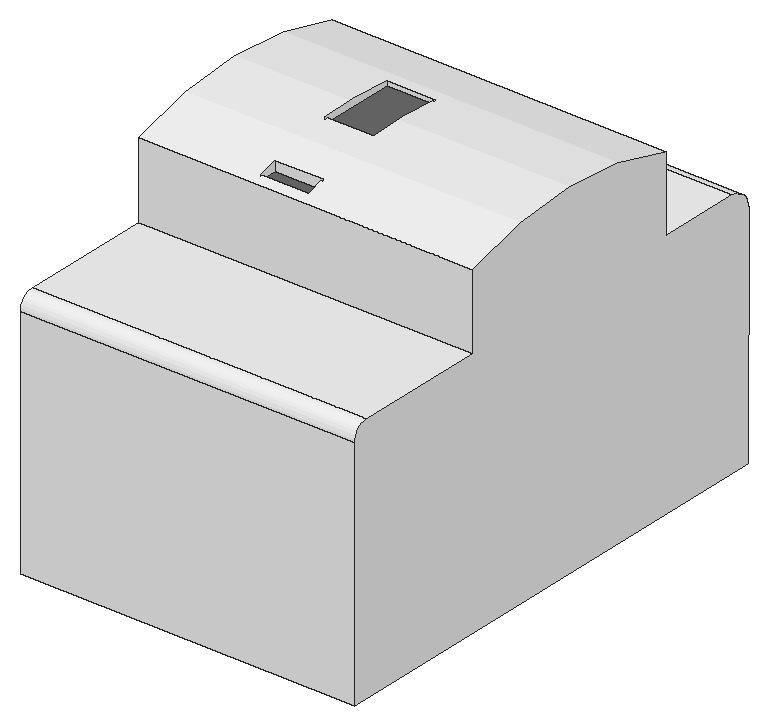
Revit family "Power-ModularDevices-GEWISS-90RCD-BD_3P", category Apparecchi elettrici, host Superficie, Revit 2016
Family settings
  Host = Superficie
  Mantenere orientamento annotazione = Sì
  Tipo di parte = Normale
  Quota connettore circolare = Usa diametro
  Numero OmniClass = 23.80.30.14
  Titolo OmniClass = Power Distribution
  Taglio con vuoti quando caricato = No
  Condiviso = Sì
  Punto di calcolo locali = Sì
Parameters (values of type "GW94600 - ADD-ON RCD 3P IN 63A SELECT.A/1 3,5M")
  Voltaggio = 400 V
  Vista di pianta [instance] = yes
  Version file RFA = "19.0"
  URL = "https://www.gewiss.com/ww/en"
  Type: = "A[S]"
  Type = "A(S)"
  Technical sheet = "https://www.gewiss.com/ww/en/search?q=GW94600"
  Stocking temperature = "-40 +70 °C"
  Standard; = "IEC/EN 61009-1 app. G, IEC/EN 61009-2-1 app. G"
  Standard = "EN 61009-1 app. G"
  Spessore = 65 mm
  Section rigid cable = "Max 35 mm²"
  Section flexible cable = "Max 35 mm²"
  SEO = "Add-on RCD"
  Realized by GEWISS S.p.A. = ""
  Rated voltage (IEC/EN 61009-1 app. G, IEC/EN 61009-2-1 app. G) = "400 V"
  Rated voltage = "400V"
  Rated tightening torque = "2 Nm"
  Rated residual operating current = "1000 mA"
  Rated insulation voltage (Ui) = "500V"
  Rated impulse withstand voltage = "4KV"
  Rated frequency (Hz) = "50/60 Hz"
  Rated current: = "63A"
  Rated current (In) = "63A"
  Default Elevation = 1219.2 mm
  Produttore = "GEWISS S.p.A."
  Precision = "1000 mA"
  Overvoltage category = "III"
  Operating temperature = "-25 +40 °C"
  Numero di poli_ = 3
  Number of poles = "3P"
  No. of poles = "3P"
  No. of modules EN 50022 = "3,5"
  No. modules = "3.5"
  Modello = "GW94600"
  Level of immunity (8/20 Âµs) = "3000A"
  Larghezza = 62.5 mm
  Label = "BD"
  Interuttore = GW - grigio scuro
  Insulation voltage = "500V"
  Immagine tipo = GW94442.jpg
  Idn = "1000MA"
  IFC.TypeObject = ""
  IFC.ExportType = ""
  IFC.ExportAs = ""
  IDT = "0570edb1-9ff4-4288-922b-d31fa38fc1de"
  IDF = "161666fb-3740-47c6-8dc1-80bf06051d77"
  Finitura = GW - grigio chiaro
  Electrocod = "1412"
  EAN code = "8011564061743"
  Distanza dal piano [instance] = 3 mm
  Descrizione = "ADD-ON RCD 3P IN<63A SELECT.A/1 3,5M"
  Description = "RESIDUAL CURRENT DEVICE"
  Catalogue Range = "90 RCD"
  Catalogue = "POWER"
  Carico apparente = 0 VA
  Parti incassate = yes
  COBie.Tagnumber = ""
  COBie.CreatedOn = ""
  COBie.CreatebBy = ""
  COBie.ComponentRegisterItemID = ""
  COBie.Component.TagNumber = ""
  COBie.Component.Space = ""
  COBie.Component.SerialNumber = ""
  COBie.Component.InstallationDate = ""
  COBie.Component.Description = ""
  COBie.Component.BarCode = ""
  Assembly position: = "Any"
  Altezza = 92 mm
Types (15, lengths in mm): name | Type: | Type | Technical sheet | Rated residual operating current | Rated current: | Rated current (In) | Precision | Modello | Level of immunity (8/20 Âµs) | Idn | IDT | EAN code | Descrizione
  GW94442 - ADD-ON RCD 3P IN 25A ISTANT.AC/0,03 3,5M | "AC" | "AC" | "https://www.gewiss.com/ww/en/search?q=GW94442" | "30 mA" | "25A" | "25A" | "30 mA" | "GW94442" | "250A" | "30MA" | "4503ba05-fe2b-48e4-bf69-3f427af47026" | "8011564061361" | "ADD-ON RCD 3P IN<25A ISTANT.AC/0,03 3,5M"
  GW94443 - ADD-ON RCD 3P IN 25A ISTANT.AC/0,3 3,5M | "AC" | "AC" | "https://www.gewiss.com/ww/en/search?q=GW94443" | "300 mA" | "25A" | "25A" | "300 mA" | "GW94443" | "250A" | "300MA" | "6c153b54-5fc9-4ae0-b61c-4be0ced7834a" | "8011564061378" | "ADD-ON RCD 3P IN<25A ISTANT.AC/0,3 3,5M"
  GW94444 - ADD-ON RCD 3P IN 25A ISTANT.AC/0,5 3,5M | "AC" | "AC" | "https://www.gewiss.com/ww/en/search?q=GW94444" | "500 mA" | "25A" | "25A" | "500 mA" | "GW94444" | "250A" | "500MA" | "c4fc3eb6-da1a-48bd-8410-5873c9bdb9ff" | "8011564061385" | "ADD-ON RCD 3P IN<25A ISTANT.AC/0,5 3,5M"
  GW94448 - ADD-ON RCD 3P IN 63A ISTANT.AC/0,03 3,5M | "AC" | "AC" | "https://www.gewiss.com/ww/en/search?q=GW94448" | "30 mA" | "63A" | "63A" | "30 mA" | "GW94448" | "250A" | "30MA" | "1151df67-eabd-4152-bff4-3a1a31892407" | "8011564061392" | "ADD-ON RCD 3P IN<63A ISTANT.AC/0,03 3,5M"
  GW94449 - ADD-ON RCD 3P IN 63A ISTANT.AC/0,3 3,5M | "AC" | "AC" | "https://www.gewiss.com/ww/en/search?q=GW94449" | "300 mA" | "63A" | "63A" | "300 mA" | "GW94449" | "250A" | "300MA" | "4eaf1fd6-f7e0-4976-be01-2bda611812f7" | "8011564061408" | "ADD-ON RCD 3P IN<63A ISTANT.AC/0,3 3,5M"
  GW94450 - ADD-ON RCD 3P IN 63A ISTANT.AC/0,5 3,5M | "AC" | "AC" | "https://www.gewiss.com/ww/en/search?q=GW94450" | "500 mA" | "63A" | "63A" | "500 mA" | "GW94450" | "250A" | "500MA" | "aa675c3e-a205-463b-b35c-eb15c106ef8f" | "8011564061415" | "ADD-ON RCD 3P IN<63A ISTANT.AC/0,5 3,5M"
  GW94542 - ADD-ON RCD 3P IN 25A ISTANT.A/0,03 3,5M | "A" | "A" | "https://www.gewiss.com/ww/en/search?q=GW94542" | "30 mA" | "25A" | "25A" | "30 mA" | "GW94542" | "250A" | "30MA" | "471bf8a7-600a-44d3-9054-4b320f0553dd" | "8011564061583" | "ADD-ON RCD 3P IN<25A ISTANT.A/0,03 3,5M"
  GW94543 - ADD-ON RCD 3P IN 25A ISTANT.A/0,3 3,5M | "A" | "A" | "https://www.gewiss.com/ww/en/search?q=GW94543" | "300 mA" | "25A" | "25A" | "300 mA" | "GW94543" | "250A" | "300MA" | "bb7b3bf9-976c-444f-b739-44dfa2e8d72b" | "8011564061590" | "ADD-ON RCD 3P IN<25A ISTANT.A/0,3 3,5M"
  GW94544 - ADD-ON RCD 3P IN 25A ISTANT.A/0,5 3,5M | "A" | "A" | "https://www.gewiss.com/ww/en/search?q=GW94544" | "500 mA" | "25A" | "25A" | "500 mA" | "GW94544" | "250A" | "500MA" | "b04964e7-6b2c-427e-bee3-b94bb6d2d2ac" | "8011564061606" | "ADD-ON RCD 3P IN<25A ISTANT.A/0,5 3,5M"
  GW94547 - ADD-ON RCD 3P IN 63A ISTANT.A/0,03 3,5M | "A" | "A" | "https://www.gewiss.com/ww/en/search?q=GW94547" | "30 mA" | "63A" | "63A" | "30 mA" | "GW94547" | "250A" | "30MA" | "5efba34d-e187-41fb-b36f-314673c9f868" | "8011564061613" | "ADD-ON RCD 3P IN<63A ISTANT.A/0,03 3,5M"
  GW94548 - ADD-ON RCD 3P IN 63A ISTANT.A/0,3 3,5M | "A" | "A" | "https://www.gewiss.com/ww/en/search?q=GW94548" | "300 mA" | "63A" | "63A" | "300 mA" | "GW94548" | "250A" | "300MA" | "fe5b3c29-0270-4437-8006-59615c276204" | "8011564061620" | "ADD-ON RCD 3P IN<63A ISTANT.A/0,3 3,5M"
  GW94549 - ADD-ON RCD 3P IN 63A ISTANT.A/0,5 3,5M | "A" | "A" | "https://www.gewiss.com/ww/en/search?q=GW94549" | "500 mA" | "63A" | "63A" | "500 mA" | "GW94549" | "250A" | "500MA" | "4168c42f-6b7a-4353-894b-d6fcf37e7d47" | "8011564061637" | "ADD-ON RCD 3P IN<63A ISTANT.A/0,5 3,5M"
  GW94595 - ADD-ON RCD 3P IN 63A IMMUN.A/0,03 3,5M | "A[IR]" | "A(IR)" | "https://www.gewiss.com/ww/en/search?q=GW94595" | "30 mA" | "63A" | "63A" | "30 mA" | "GW94595" | "3000A" | "30MA" | "b278d76b-257f-47ed-be38-75825aac597f" | "8011564761988" | "ADD-ON RCD 3P IN<63A IMMUN.A/0,03 3,5M"
  GW94598 - ADD-ON RCD 3P IN 63A SELECT.A/0,3 3,5M | "A[S]" | "A(S)" | "https://www.gewiss.com/ww/en/search?q=GW94598" | "300 mA" | "63A" | "63A" | "300 mA" | "GW94598" | "3000A" | "300MA" | "a920d466-6323-484f-a16b-03680257149a" | "8011564061712" | "ADD-ON RCD 3P IN<63A SELECT.A/0,3 3,5M"
  GW94600 - ADD-ON RCD 3P IN 63A SELECT.A/1 3,5M | "A[S]" | "A(S)" | "https://www.gewiss.com/ww/en/search?q=GW94600" | "1000 mA" | "63A" | "63A" | "1000 mA" | "GW94600" | "3000A" | "1000MA" | "0570edb1-9ff4-4288-922b-d31fa38fc1de" | "8011564061743" | "ADD-ON RCD 3P IN<63A SELECT.A/1 3,5M"
Reference planes
  plane 1 "Centro (Fronte/Retro)": y = 0
  plane 2: z = 0
  plane 3 "Centro (Sinistra/Destra)": x = 0
  plane 4: x = -31.25
  plane 5: x = 31.25
  plane 6: y = 46
  plane 7: y = -46
  plane 8 "fori": z = -7
  plane 9: y = 12.873
  plane 10: y = -1.504
  plane 11 "scritta": z = 11.026
  plane 12: z = 14.66
  plane 13: z = 9.771
  plane 14: z = 6.888
  plane 15: y = -16.609
  plane 16: y = -13.274
  plane 17: x = -9.843
  plane 18: x = -0.847
  plane 19: y = 26.682
  plane 20: y = -18.318
  plane 21: z = 5.384
  plane 22: z = -53.775
  plane 23: z = -10
Forms (mm)
  Extrusion 1, solid, material "GW - grigio chiaro" <- "Finitura"
    sketch origin (0, 0, 13.225) x (0, 1, 0) y (0, 0, 1)
      loop
        line (42.093, -20.225) -> (26.682, -20.225) -> (26.682, -6.138)
        arc (26.682, -6.138) -> (4.182, -2.199) -> (-18.318, -6.137) r 66.237
        line (-18.318, -6.137) -> (-18.318, -20.225) -> (-43.176, -20.225)
        arc (-43.176, -20.225) -> (-45.173, -21.052) -> (-46, -23.049) r 2.824
        line (-46, -23.049) -> (-46, -67) -> (46, -67) -> (46, -24.132)
        arc (46, -24.132) -> (44.856, -21.369) -> (42.093, -20.225) r 3.907
    from -31.25 to 31.25
  Extrusion 2, void
    sketch origin (0, 0, 11.026) x (0, -1, 0) y (1, 0, 0)
      loop
        line (-12.873, -9.843) -> (1.504, -9.843) -> (1.504, -0.847) -> (-12.873, -0.847) -> (-12.873, -9.843)
    from -15.642 to 3.634
  Extrusion 3, solid, material "GW - grigio scuro" <- "Interuttore"
    sketch origin (0, 0, 11.026) x (0, -1, 0) y (1, 0, 0)
      loop
        line (1.504, -9.843) -> (1.504, -0.847) -> (-12.873, -0.847) -> (-12.873, -9.843) -> (1.504, -9.843)
    from -5.642 to -1.255
  Extrusion 4, void
    sketch origin (0, 0, 11.026) x (0, -1, 0) y (1, 0, 0)
      loop
        line (13.274, -9.843) -> (16.609, -9.843) -> (16.609, -0.847) -> (13.274, -0.847) -> (13.274, -9.843)
    from -5.642 to 3.634
  Extrusion 5, solid, material "GW - grigio scuro" <- "Interuttore"
    sketch origin (0, 0, 11.026) x (0, -1, 0) y (1, 0, 0)
      loop
        line (16.609, -9.843) -> (16.609, -0.847) -> (13.274, -0.847) -> (13.274, -9.843) -> (16.609, -9.843)
    from -5.642 to -4.139
Cuts and joins
  Extrusion 2, Extrusion 4 cuts Extrusion 1
Lines and regions (mm)
  Masking region 1, visible <- "Vista di pianta"
    outline origin (0, 0, 0) x (1, 0, 0) y (0, 0, 1)
      loop
        line (-31.25, -53.775) -> (31.25, -53.775) -> (31.25, 11.026) -> (-31.25, 11.026) -> (-31.25, -53.775)
  Masking region 2, visible <- "Vista di pianta"
    outline origin (0, 0, 0) x (1, 0, 0) y (0, 0, 1)
      loop
        line (-82.884, -22.273) -> (-31.25, -22.273) -> (-31.25, -7) -> (-82.884, -7) -> (-82.884, -22.273)
  symbolic lines, style "InvisibleLines"
    curve 1: line (0, -43.176, -7) -> (0, 42.093, -7)
  model lines
    curve 2: circle (-7.156, -30.866, -7) r 4.53 normal (0, 0, -1)
    curve 3: circle (7.052, -30.866, -7) r 4.53 normal (0, 0, -1)
    curve 4: circle (21.262, -30.866, -7) r 4.53 normal (0, 0, -1)
    curve 5: circle (-21.365, -30.866, -7) r 4.53 normal (0, 0, -1)
Dimensions and locks
  equal spacing: plane 6, plane 1 "Centro (Fronte/Retro)", plane 7
  equal spacing: plane 4, plane 3 "Centro (Sinistra/Destra)", plane 5
  "Larghezza": plane 4 to plane 5
  "Altezza": plane 6 to plane 7
  Extrusion 3 to plane 3 "Centro (Sinistra/Destra)" = 0.847 mm
  "Distanza dal piano": plane 8 "fori" to plane 23
  plane 8 "fori" to plane 21 to plane 14 to plane 13 = 12.384 mm locked, 1.504 mm locked, 2.884 mm locked
  locked: plane 13 to plane 22 at 63.546
  locked: plane 12 to plane 8 "fori" at 21.66
  locked: plane 11 "scritta" to plane 22 at 64.801
  locked: plane 2 to plane 23 at 10
  aligned and locked: plane 2 to host face
  aligned and locked: level to host face
  aligned and locked: Extrusion 1 to plane 4
  aligned and locked: plane 5 to Extrusion 1
  aligned and locked: Extrusion 1 to Extrusion 1
  aligned and locked: plane 13 to Extrusion 3
  aligned and locked: Extrusion 5 to plane 14
  aligned and locked: nested 1 to plane 3 "Centro (Sinistra/Destra)"
  aligned and locked: nested 1 to plane 6
  aligned and locked: plane 17 to nested 1
  aligned and locked: plane 9 to nested 1
  aligned and locked: plane 10 to nested 1
  aligned and locked: Extrusion 2 to nested 1  (x2)
  aligned and locked: Extrusion 3 to cut or joined group of Extrusion 1, Extrusion 2, Extrusion 4  (x2)
  aligned and locked: plane 19 to nested 1
  aligned and locked: plane 20 to nested 1
  aligned and locked: plane 16 to nested 1
  aligned and locked: plane 15 to nested 1
  aligned and locked: Extrusion 4 to plane 15
  aligned and locked: plane 21 to Extrusion 5
  aligned and locked: plane 21 to cut or joined group of Extrusion 1, Extrusion 2, Extrusion 4
  aligned and locked: plane 14 to Extrusion 5
  aligned and locked: Extrusion 3 to plane 13
  aligned and locked: plane 22 to cut or joined group of Extrusion 1, Extrusion 2, Extrusion 4
  aligned and locked: cut or joined group of Extrusion 1, Extrusion 2, Extrusion 4 to plane 8 "fori"  (x5)
  aligned and locked: plane 8 "fori" to curve 1
  aligned and locked: plane 12 to Extrusion 2
  aligned and locked: plane 21 to Extrusion 3
  aligned and locked: Extrusion 5 to plane 21  (x2)
  aligned and locked: Extrusion 2 to Extrusion 4
  aligned and locked: Masking region 1 sketch curve to cut or joined group of Extrusion 1, Extrusion 2, Extrusion 4  (x3)
  aligned and locked: cut or joined group of Extrusion 1, Extrusion 2, Extrusion 4 to Masking region 2 sketch curve
  aligned and locked: Masking region 1 to plane 11 "scritta"
  aligned and locked: Masking region 2 to plane 8 "fori"
Automatic sketch dimensions
  host sketch curve to host sketch curve = 2438.4 mm  (x2)
  plane 7 to curve 1 = 2.824 mm
  curve 1 to plane 6 = 3.907 mm
  Extrusion 2 sketch curve to Extrusion 2 sketch curve = 14.377 mm
  Extrusion 2 sketch curve to Extrusion 2 sketch curve = 8.995 mm
  Extrusion 3 sketch curve to Extrusion 3 sketch curve = 14.377 mm
  Extrusion 3 sketch curve to Extrusion 3 sketch curve = 8.995 mm
  Extrusion 4 sketch curve to Extrusion 4 sketch curve = 3.336 mm
  Extrusion 4 sketch curve to Extrusion 4 sketch curve = 8.995 mm
  Extrusion 5 sketch curve to Extrusion 5 sketch curve = 3.336 mm
  Extrusion 5 sketch curve to Extrusion 5 sketch curve = 8.995 mm
  curve 3 to plane 20 = 12.549 mm
  curve 2 to plane 18 = 6.309 mm
  curve 2 to plane 20 = 12.549 mm
  curve 4 to plane 20 = 12.549 mm
  curve 5 to plane 20 = 12.549 mm
  curve 5 to plane 17 = 11.522 mm
  plane 9 to Extrusion 2 sketch curve = 0 mm
  Extrusion 2 sketch curve to plane 17 = 0 mm
  plane 9 to Extrusion 3 sketch curve = 0 mm
  Extrusion 3 sketch curve to plane 17 = 0 mm
  Extrusion 4 sketch curve to plane 16 = 0 mm
  Extrusion 4 sketch curve to plane 17 = 0 mm
  Extrusion 5 sketch curve to plane 16 = 0 mm
  Extrusion 5 sketch curve to plane 17 = 0 mm
  Masking region 1 sketch curve to plane 11 "scritta" = 0 mm
  Masking region 2 sketch curve to plane 4 = 0 mm
  plane 8 "fori" to Masking region 2 sketch curve = 15.273 mm
  Masking region 2 sketch curve to Masking region 2 sketch curve = 51.634 mm
  Extrusion 1 sketch curve to plane 7 = 0 mm
  plane 8 "fori" to Extrusion 1 sketch curve = 0 mm  (x2)
  Extrusion 1 sketch curve to plane 20 = 0 mm
  Extrusion 1 sketch curve to plane 19 = 0 mm
  Extrusion 1 sketch curve to plane 6 = 0 mm
  Extrusion 1 sketch curve to plane 22 = 0 mm
  Extrusion 1 sketch curve to Extrusion 1 sketch curve = 2.824 mm
  Extrusion 1 sketch curve to plane 22 = 1.436 mm
  Extrusion 1 sketch curve to plane 1 "Centro (Fronte/Retro)" = 4.182 mm
  Extrusion 1 sketch curve to plane 6 = 3.907 mm
  Extrusion 1 sketch curve to plane 14 = 0.2 mm
  plane 3 "Centro (Sinistra/Destra)" to curve 3 = 7.052 mm
  curve 4 to plane 5 = 9.988 mm
  radius of curve 5 = 4.53 mm
  radius of curve 4 = 4.53 mm
  radius of curve 3 = 4.53 mm
  radius of curve 2 = 4.53 mm
Nested families
  nested 1: "BD BLOCCO DIFF 3P" at (0, 2.333, 11.026) x (1, 0, 0) z (0, 0, -1), Bidimensionale completo <- "Parti incassate", type "BIDIMENSIONALE"
    with Bidimensionale completo yes
Definition of nested family "BD BLOCCO DIFF 3P"
  Parameters (values of type "BIDIMENSIONALE")
    Bidimensionale completo [instance] = yes
  Reference planes
    plane 1 "Centro (Fronte/Retro)": y = 0
    plane 2: z = 0
    plane 3 "Centro (Sinistra/Destra)": x = 0
    plane 4: y = 43.667
    plane 5: y = -48.333
  Lines and regions (mm)
    model lines, in view "Livello rif.", visible <- "Bidimensionale completo"
      curve 1: line (-31.25, 43.667, 0) -> (31.25, 43.667, 0)
      curve 3: line (-31.25, -46.356, 0) -> (31.25, -46.356, 0)
      curve 4: line (-31.25, -40.261, 0) -> (-82.884, -40.261, 0)
      curve 5: line (31.25, -48.333, 0) -> (-82.884, -48.333, 0)
      curve 6: line (31.25, -48.333, 0) -> (31.25, -46.356, 0)
      curve 8: line (-82.884, -40.261, 0) -> (-82.884, -48.333, 0)
      curve 9: line (-78.239, -33.105, 0) -> (-78.57, -40.261, 0)
      curve 10: line (-69.982, -33.072, 0) -> (-71.41, -31.728, 0)
      curve 11: line (-69.982, -33.072, 0) -> (-69.551, -40.261, 0)
      curve 12: line (-76.809, -31.728, 0) -> (-78.239, -33.105, 0)
      curve 13: line (-76.809, -31.728, 0) -> (-71.41, -31.728, 0)
      curve 14: line (-44.019, -33.104, 0) -> (-44.351, -40.261, 0)
      curve 15: line (-35.763, -33.072, 0) -> (-37.191, -31.728, 0)
      curve 16: line (-35.763, -33.072, 0) -> (-35.329, -40.261, 0)
      curve 17: line (-42.591, -31.728, 0) -> (-44.019, -33.104, 0)
      curve 18: line (-42.591, -31.728, 0) -> (-37.191, -31.728, 0)
      curve 19: line (-60.845, -33.157, 0) -> (-61.176, -40.261, 0)
      curve 20: line (-52.589, -33.125, 0) -> (-54.018, -31.78, 0)
      curve 21: line (-52.589, -33.125, 0) -> (-52.162, -40.261, 0)
      curve 22: line (-59.416, -31.78, 0) -> (-60.845, -33.157, 0)
      curve 23: line (-59.416, -31.78, 0) -> (-54.018, -31.78, 0)
    model lines, in view "Livello rif."
      curve 2: line (-31.25, 24.349, 0) -> (-31.25, -20.651, 0)
      curve 7: line (31.25, 24.349, 0) -> (31.25, -20.651, 0)
      curve 24: line (-31.25, 24.349, 0) -> (31.25, 24.349, 0)
      curve 25: line (-31.25, -20.651, 0) -> (31.25, -20.651, 0)
    model lines, in view "Livello rif.", detail levels medium+fine
      curve 26: line (-9.843, -18.942, 0) -> (-0.847, -18.942, 0)
      curve 27: line (-9.843, -3.837, 0) -> (-0.847, -3.837, 0)
      curve 28: line (-9.843, 10.54, 0) -> (-0.847, 10.54, 0)
      curve 29: line (-0.847, 10.54, 0) -> (-0.847, -3.837, 0)
      curve 30: line (-0.847, -15.607, 0) -> (-0.847, -18.942, 0)
      curve 31: line (-9.843, 10.54, 0) -> (-9.843, -3.837, 0)
      curve 32: line (-9.843, -15.607, 0) -> (-9.843, -18.942, 0)
      curve 37: line (-5.345, -15.607, 0) -> (-0.847, -15.607, 0)
      curve 38: line (-9.843, -15.607, 0) -> (-5.345, -15.607, 0)
    model lines, in view "Livello rif.", visible <- "Bidimensionale completo", detail levels medium+fine
      curve 33: line (-9.843, -25.526, 0) -> (-0.847, -25.526, 0)
      curve 34: line (-9.843, -22.501, 0) -> (-0.847, -22.501, 0)
      curve 35: line (-0.847, -22.501, 0) -> (-0.847, -25.526, 0)
      curve 36: line (-9.843, -22.501, 0) -> (-9.843, -25.526, 0)
      curve 39: line (-18.24, -37.729, 0) -> (-22.769, -33.2, 0)
      curve 40: line (-13.712, -33.2, 0) -> (-18.24, -37.729, 0)
      curve 41: line (-18.24, -28.67, 0) -> (-13.712, -33.2, 0)
      curve 42: line (-22.769, -33.2, 0) -> (-18.24, -28.67, 0)
      curve 43: line (-4.031, -37.729, 0) -> (-8.56, -33.2, 0)
      curve 44: line (0.498, -33.2, 0) -> (-4.031, -37.729, 0)
      curve 45: line (-4.031, -28.67, 0) -> (0.498, -33.2, 0)
      curve 46: line (-8.56, -33.2, 0) -> (-4.031, -28.67, 0)
      curve 47: line (-18.24, -37.729, 0) -> (-22.769, -33.2, 0)
      curve 48: line (-13.712, -33.2, 0) -> (-18.24, -37.729, 0)
      curve 49: line (-18.24, -28.67, 0) -> (-13.712, -33.2, 0)
      curve 50: line (-22.769, -33.2, 0) -> (-18.24, -28.67, 0)
      curve 51: line (10.177, -37.729, 0) -> (5.649, -33.2, 0)
      curve 52: line (14.706, -33.2, 0) -> (10.177, -37.729, 0)
      curve 53: line (10.177, -28.67, 0) -> (14.706, -33.2, 0)
      curve 54: line (5.649, -33.2, 0) -> (10.177, -28.67, 0)
      curve 55: line (24.387, -37.729, 0) -> (19.858, -33.2, 0)
      curve 56: line (28.915, -33.2, 0) -> (24.387, -37.729, 0)
      curve 57: line (24.387, -28.67, 0) -> (28.915, -33.2, 0)
      curve 58: line (19.858, -33.2, 0) -> (24.387, -28.67, 0)
      curve 59: line (10.177, -37.729, 0) -> (5.649, -33.2, 0)
      curve 60: line (14.706, -33.2, 0) -> (10.177, -37.729, 0)
      curve 61: line (10.177, -28.67, 0) -> (14.706, -33.2, 0)
      curve 62: line (5.649, -33.2, 0) -> (10.177, -28.67, 0)
    detail lines, in view "Livello rif.", detail levels medium+fine
      curve 63: line (-27.678, -17.456, 0) -> (-27.678, -19.65, 0)
      curve 64: line (-27.678, -19.65, 0) -> (-28.413, -19.65, 0)
      curve 65: line (-28.413, -19.65, 0) -> (-28.839, -19.597, 0)
      curve 66: line (-28.839, -19.597, 0) -> (-29.361, -19.366, 0)
      curve 67: line (-29.361, -19.366, 0) -> (-29.775, -18.981, 0)
      curve 68: line (-29.775, -18.981, 0) -> (-30.05, -18.463, 0)
      curve 69: line (-30.05, -18.463, 0) -> (-30.135, -17.911, 0)
      curve 70: line (-30.135, -17.911, 0) -> (-30.052, -17.402, 0)
      curve 71: line (-30.052, -17.402, 0) -> (-29.832, -16.953, 0)
      curve 72: line (-29.832, -16.953, 0) -> (-29.437, -16.544, 0)
      curve 73: line (-29.437, -16.544, 0) -> (-28.958, -16.295, 0)
      curve 74: line (-28.958, -16.295, 0) -> (-28.42, -16.206, 0)
      curve 75: line (-28.42, -16.206, 0) -> (-27.678, -16.206, 0)
      curve 76: line (-27.678, -16.206, 0) -> (-27.678, -17.153, 0)
      curve 77: line (-27.678, -17.153, 0) -> (-28.927, -17.153, 0)
      curve 78: line (-28.927, -17.153, 0) -> (-28.927, -18.704, 0)
      curve 79: line (-28.927, -18.704, 0) -> (-28.622, -18.704, 0)
      curve 80: line (-28.622, -18.704, 0) -> (-28.622, -17.456, 0)
      curve 81: line (-28.622, -17.456, 0) -> (-27.678, -17.456, 0)
      curve 82: line (-24.707, -19.65, 0) -> (-27.375, -19.65, 0)
      curve 83: line (-27.375, -19.65, 0) -> (-27.375, -16.206, 0)
      curve 84: line (-27.375, -16.206, 0) -> (-25.956, -16.206, 0)
      curve 85: line (-25.956, -16.206, 0) -> (-25.956, -17.153, 0)
      curve 86: line (-25.956, -17.153, 0) -> (-26.429, -17.153, 0)
      curve 87: line (-26.429, -17.153, 0) -> (-26.429, -17.455, 0)
      curve 88: line (-26.429, -17.455, 0) -> (-24.707, -17.455, 0)
      curve 89: line (-24.707, -17.455, 0) -> (-24.707, -18.402, 0)
      curve 90: line (-24.707, -18.402, 0) -> (-26.429, -18.402, 0)
      curve 91: line (-26.429, -18.402, 0) -> (-26.429, -18.704, 0)
      curve 92: line (-26.429, -18.704, 0) -> (-24.707, -18.704, 0)
      curve 93: line (-24.707, -18.704, 0) -> (-24.707, -19.65, 0)
      curve 94: line (-19.882, -19.65, 0) -> (-19.882, -17.455, 0)
      curve 95: line (-19.882, -17.455, 0) -> (-20.828, -17.455, 0)
      curve 96: line (-20.828, -17.455, 0) -> (-20.828, -19.65, 0)
      curve 97: line (-20.828, -19.65, 0) -> (-19.882, -19.65, 0)
      curve 98: line (-23.051, -19.65, 0) -> (-22.767, -18.231, 0)
      curve 99: line (-22.767, -18.231, 0) -> (-22.484, -19.65, 0)
      curve 100: line (-22.484, -19.65, 0) -> (-21.538, -19.65, 0)
      curve 101: line (-21.538, -19.65, 0) -> (-20.951, -17.153, 0)
      curve 102: line (-20.951, -17.153, 0) -> (-19.882, -17.153, 0)
      curve 103: line (-19.882, -17.153, 0) -> (-19.882, -16.206, 0)
      curve 104: line (-19.882, -16.206, 0) -> (-21.698, -16.206, 0)
      curve 105: line (-21.698, -16.206, 0) -> (-22.039, -17.663, 0)
      curve 106: line (-22.039, -17.663, 0) -> (-22.275, -16.206, 0)
      curve 107: line (-22.275, -16.206, 0) -> (-23.259, -16.206, 0)
      curve 108: line (-23.259, -16.206, 0) -> (-23.496, -17.663, 0)
      curve 109: line (-23.496, -17.663, 0) -> (-23.837, -16.206, 0)
      curve 110: line (-23.837, -16.206, 0) -> (-25.653, -16.206, 0)
      curve 111: line (-25.653, -16.206, 0) -> (-25.653, -17.153, 0)
      curve 112: line (-25.653, -17.153, 0) -> (-24.584, -17.153, 0)
      curve 113: line (-24.584, -17.153, 0) -> (-23.999, -19.65, 0)
      curve 114: line (-23.999, -19.65, 0) -> (-23.051, -19.65, 0)
      curve 115: line (-16.911, -16.206, 0) -> (-19.579, -16.206, 0)
      curve 116: line (-19.579, -16.206, 0) -> (-19.579, -18.401, 0)
      curve 117: line (-19.579, -18.401, 0) -> (-17.857, -18.401, 0)
      curve 118: line (-17.857, -18.401, 0) -> (-17.857, -18.704, 0)
      curve 119: line (-17.857, -18.704, 0) -> (-19.579, -18.704, 0)
      curve 120: line (-19.579, -18.704, 0) -> (-19.579, -19.65, 0)
      curve 121: line (-19.579, -19.65, 0) -> (-16.911, -19.65, 0)
      curve 122: line (-16.911, -19.65, 0) -> (-16.911, -17.455, 0)
      curve 123: line (-16.911, -17.455, 0) -> (-18.633, -17.455, 0)
      curve 124: line (-18.633, -17.455, 0) -> (-18.633, -17.153, 0)
      curve 125: line (-18.633, -17.153, 0) -> (-16.911, -17.153, 0)
      curve 126: line (-16.911, -17.153, 0) -> (-16.911, -16.206, 0)
      curve 127: line (-16.608, -16.206, 0) -> (-16.608, -18.401, 0)
      curve 128: line (-16.608, -18.401, 0) -> (-15.003, -18.401, 0)
      curve 129: line (-15.003, -18.401, 0) -> (-15.003, -18.704, 0)
      curve 130: line (-15.003, -18.704, 0) -> (-16.608, -18.704, 0)
      curve 131: line (-16.608, -18.704, 0) -> (-16.608, -19.65, 0)
      curve 132: line (-16.608, -19.65, 0) -> (-15.662, -19.65, 0)
      curve 133: line (-15.662, -19.65, 0) -> (-15.116, -19.475, 0)
      curve 134: line (-15.116, -19.475, 0) -> (-14.763, -19.245, 0)
      curve 135: line (-14.763, -19.245, 0) -> (-14.36, -18.749, 0)
      curve 136: line (-14.36, -18.749, 0) -> (-14.172, -18.194, 0)
      curve 137: line (-14.172, -18.194, 0) -> (-14.166, -17.701, 0)
      curve 138: line (-14.166, -17.701, 0) -> (-14.218, -17.455, 0)
      curve 139: line (-14.218, -17.455, 0) -> (-15.662, -17.455, 0)
      curve 140: line (-15.662, -17.455, 0) -> (-15.662, -17.153, 0)
      curve 141: line (-15.662, -17.153, 0) -> (-14.347, -17.153, 0)
      curve 142: line (-14.347, -17.153, 0) -> (-14.518, -16.867, 0)
      curve 143: line (-14.518, -16.867, 0) -> (-14.764, -16.612, 0)
      curve 144: line (-14.764, -16.612, 0) -> (-15.106, -16.387, 0)
      curve 145: line (-15.106, -16.387, 0) -> (-15.464, -16.256, 0)
      curve 146: line (-15.464, -16.256, 0) -> (-15.866, -16.206, 0)
      curve 147: line (-15.866, -16.206, 0) -> (-16.608, -16.206, 0)
    detail lines, in view "Livello rif.", visible <- "Bidimensionale completo"
      curve 148: line (31.25, 43.667, 0) -> (31.25, 24.349, 0)
      curve 149: line (31.25, -20.651, 0) -> (31.25, -48.333, 0)
      curve 150: line (-31.25, 43.667, 0) -> (-31.25, 24.349, 0)
      curve 151: line (-31.25, -20.651, 0) -> (-31.25, -48.333, 0)
  Dimensions and locks
    aligned and locked: plane 4 to curve 1
